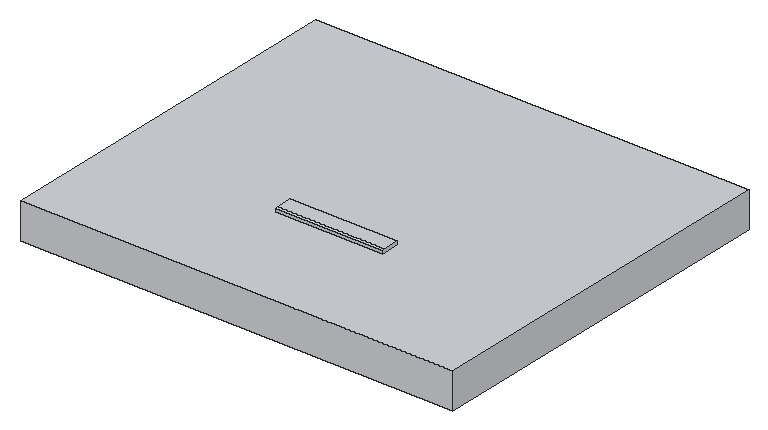
Revit family
Parameters
  TypicalJointSize = 0' - 0 1/4"
  StoneMaterial = none
  SlopeHeight = 0' - 0 1/4"
  Width = 0' - 6"
  URL = "www.coldspringgranite.com"
  SlopeDepth = 0' - 1"
  SettingSpace = SettingBed + Height  # 0' - 2"
  SettingBed = 0' - 0 13/16"
  Product Name = "Paving Stone Threshold with Slope on One Side"
  Product Documentation Link = "http://www.coldspringgranite.com/BIM_Families/Family_Detail/Paving_Stone_Threshold_with_Slope_on_One_Side/"
  PhoneNumber = "800-551-7502"
  Notes = ""
  Model = "N/A"
  Manufacturer = "Cold Spring Granite Company"
  Low Emitting Material = yes
  Low Emitting Finish = yes
  Location = "17482 Granite West Road, Cold Spring, MN 56320-4578"
  Length = 3' - 0"
  LEED Credit = ""
  Keynote = "096340"
  JointRightOff = no
  JointRight = if(JointRightOff, 0' 0", TypicalJointSize / 2)  # 0' - 0 1/8"
  JointLeftOff = no
  JointLeft = if(JointLeftOff, 0' 0", TypicalJointSize / 2)  # 0' - 0 1/8"
  Height = 0' - 1 3/16"
  Description = "Stone Floor Threshold Slope One Side"
  Default Elevation = 0' - 0"
  Assembly Code = "C3020800"
Reference planes (in)
  plane 1 "Center (Front/Back)": y = 0
  plane 2: z = 0
  plane 3 "Center (Left/Right)": x = 0
  plane 4 "StoneBack": y = 6
  plane 5 "StoneRight": x = 35.875
  plane 6 "StoneLeft": x = 0.125
  plane 7 "SlopeTop": y = 1
  plane 8 "JointRightCenter": x = 36
  plane 9 "StoneFace": z = 2
  plane 10 "StoneBottom": z = 0.8125
  plane 11 "SlopeBottom": z = 1.75
Forms (in)
  Extrusion 1, solid
    sketch origin (0, 0, 0) x (1, 0, 0) y (0, 1, 0)
      loop
        line (-56.5, 87.5) -> (-56.5, -35.87706) -> (88.18322, -35.87706) -> (88.18322, 87.5) -> (-56.5, 87.5)
    from 0 to -12
  Extrusion 2, solid, material <- "StoneMaterial", detail levels coarse
    sketch origin (35.875, 0, -0.1875) x (0, 1, 0) y (0, 0, 1)
      loop
        line (0, 2.1875) -> (0, 1) -> (6, 1) -> (6, 2.1875) -> (0, 2.1875)
    from -35.875 to 0.125
  Extrusion 3, solid, material <- "StoneMaterial", detail levels medium+fine
    sketch origin (35.875, 0, 0) x (0, 1, 0) y (0, 0, 1)
      loop
        line (1, 2) -> (0, 1.75) -> (0, 0.8125) -> (6, 0.8125) -> (6, 2) -> (1, 2)
    from -35.75 to 0
Lines and regions (in)
  Masking region 1, detail levels coarse
    outline origin (0, 0, 2) x (1, 0, 0) y (0, 1, 0)
      loop
        line (0, 6) -> (0, 0) -> (36, 0) -> (36, 6) -> (0, 6)
  Masking region 2, detail levels medium+fine
    outline origin (0, 0, 2) x (1, 0, 0) y (0, 1, 0)
      loop
        line (0.125, 6) -> (0.125, 0) -> (35.875, 0) -> (35.875, 6) -> (0.125, 6)
  Masking region 3, detail levels coarse
    outline origin (35.875, 0.5, 0) x (0, 1, 0) y (0, 0, 1)
      loop
        line (-0.5, 2) -> (-0.5, 0.8125) -> (5.5, 0.8125) -> (5.5, 2) -> (-0.5, 2)
  Masking region 4, detail levels medium+fine
    outline origin (35.875, 0, 0) x (0, 1, 0) y (0, 0, 1)
      loop
        line (1, 2) -> (0, 1.75) -> (0, 0.8125) -> (6, 0.8125) -> (6, 2) -> (1, 2)
  Masking region 5, detail levels coarse
    outline origin (0, 0, 0) x (1, 0, 0) y (0, 0, 1)
      loop
        line (0, 2) -> (0, 0.8125) -> (36, 0.8125) -> (36, 2) -> (0, 2)
  Masking region 6, detail levels medium+fine
    outline origin (-0.625, 0, 0.75) x (1, 0, 0) y (0, 0, 1)
      loop
        line (0.75, 1.25) -> (0.75, 0.0625) -> (36.5, 0.0625) -> (36.5, 1.25) -> (0.75, 1.25)
  symbolic lines, detail levels medium+fine
    curve 1: line (35.875, 1, 2) -> (0.125, 1, 2)
    curve 2: line (0.125, 0, 1.75) -> (35.875, 0, 1.75)
Dimensions and locks (in)
  "Width": plane 1 "Center (Front/Back)" to plane 4 "StoneBack"
  "Length": plane 3 "Center (Left/Right)" to plane 8 "JointRightCenter"
  "Height": plane 10 "StoneBottom" to plane 9 "StoneFace"
  "SettingSpace": plane 2 to plane 9 "StoneFace"
  "JointLeft": plane 3 "Center (Left/Right)" to plane 6 "StoneLeft"
  "JointRight": plane 5 "StoneRight" to plane 8 "JointRightCenter"
  "SlopeDepth": plane 1 "Center (Front/Back)" to plane 7 "SlopeTop"
  "SlopeHeight": plane 9 "StoneFace" to plane 11 "SlopeBottom"
  aligned and locked: Extrusion 1 to plane 2
  aligned and locked: Extrusion 1 to level
  aligned and locked: plane 9 "StoneFace" to Extrusion 2
  aligned and locked: plane 1 "Center (Front/Back)" to Extrusion 2
  aligned and locked: Extrusion 2 to plane 10 "StoneBottom"
  aligned and locked: plane 4 "StoneBack" to Extrusion 2
  aligned and locked: Extrusion 2 to plane 3 "Center (Left/Right)"
  aligned and locked: plane 8 "JointRightCenter" to Extrusion 2
  aligned and locked: Extrusion 3 sketch curve to plane 4 "StoneBack"
  aligned and locked: Extrusion 3 sketch curve to plane 10 "StoneBottom"
  aligned and locked: Extrusion 3 sketch curve to plane 1 "Center (Front/Back)"
  aligned and locked: plane 9 "StoneFace" to Extrusion 3 sketch curve
  aligned and locked: plane 7 "SlopeTop" to Extrusion 3 sketch curve
  aligned and locked: plane 1 "Center (Front/Back)" to Extrusion 3 sketch curve
  aligned and locked: plane 11 "SlopeBottom" to Extrusion 3 sketch curve
  aligned and locked: Extrusion 3 to plane 6 "StoneLeft"
  aligned and locked: plane 5 "StoneRight" to Extrusion 3
  aligned and locked: Masking region 1 to plane 3 "Center (Left/Right)"
  aligned and locked: plane 8 "JointRightCenter" to Masking region 1
  aligned and locked: plane 4 "StoneBack" to Masking region 1
  aligned and locked: plane 1 "Center (Front/Back)" to Masking region 1
  aligned and locked: plane 4 "StoneBack" to Masking region 2
  aligned and locked: plane 1 "Center (Front/Back)" to Masking region 2
  aligned and locked: plane 5 "StoneRight" to Masking region 2
  aligned and locked: Masking region 2 to plane 6 "StoneLeft"
  aligned and locked: curve 1 to plane 7 "SlopeTop"
  aligned and locked: plane 9 "StoneFace" to Masking region 3
  aligned and locked: plane 4 "StoneBack" to Masking region 3
  aligned and locked: Masking region 3 to plane 10 "StoneBottom"
  aligned and locked: plane 1 "Center (Front/Back)" to Masking region 3
  aligned and locked: Masking region 4 sketch curve to plane 4 "StoneBack"
  aligned and locked: Masking region 4 sketch curve to plane 10 "StoneBottom"
  aligned and locked: Masking region 4 sketch curve to plane 1 "Center (Front/Back)"
  aligned and locked: plane 1 "Center (Front/Back)" to Masking region 4 sketch curve
  aligned and locked: plane 11 "SlopeBottom" to Masking region 4 sketch curve
  aligned and locked: plane 9 "StoneFace" to Masking region 4 sketch curve
  aligned and locked: plane 7 "SlopeTop" to Masking region 4 sketch curve
  aligned and locked: plane 9 "StoneFace" to Masking region 5
  aligned and locked: Masking region 5 to plane 3 "Center (Left/Right)"
  aligned and locked: plane 8 "JointRightCenter" to Masking region 5
  aligned and locked: Masking region 5 to plane 10 "StoneBottom"
  aligned and locked: plane 9 "StoneFace" to Masking region 6
  aligned and locked: Masking region 6 to plane 6 "StoneLeft"
  aligned and locked: plane 5 "StoneRight" to Masking region 6
  aligned and locked: Masking region 6 to plane 10 "StoneBottom"
  aligned and locked: curve 2 to plane 11 "SlopeBottom"
  aligned and locked: plane 6 "StoneLeft" to Extrusion 3  (x2)
  aligned and locked: plane 6 "StoneLeft" to curve 1
  aligned and locked: plane 5 "StoneRight" to curve 1
  aligned and locked: plane 5 "StoneRight" to curve 2
  aligned and locked: plane 6 "StoneLeft" to curve 2
Automatic sketch dimensions
  Extrusion 1 sketch curve to Extrusion 1 sketch curve = 12' - 0.68322"
  Extrusion 1 sketch curve to Extrusion 1 sketch curve = 10' - 3.37706"
  plane 1 "Center (Front/Back)" to Extrusion 2 sketch curve = 0' - 0"
  level to Extrusion 2 sketch curve = 0' - 0 13/16"
  plane 4 "StoneBack" to Extrusion 2 sketch curve = 0' - 0"
  plane 9 "StoneFace" to Extrusion 2 sketch curve = 0' - 0"
  Masking region 1 sketch curve to plane 3 "Center (Left/Right)" = 0' - 0"
  plane 8 "JointRightCenter" to Masking region 1 sketch curve = 0' - 0"
  plane 1 "Center (Front/Back)" to Masking region 1 sketch curve = 0' - 0"
  plane 4 "StoneBack" to Masking region 1 sketch curve = 0' - 0"
  plane 3 "Center (Left/Right)" to Masking region 2 sketch curve = 0' - 0 1/8"
  Masking region 2 sketch curve to plane 8 "JointRightCenter" = 0' - 0 1/8"
  plane 1 "Center (Front/Back)" to Masking region 2 sketch curve = 0' - 0"
  plane 4 "StoneBack" to Masking region 2 sketch curve = 0' - 0"
  Masking region 3 sketch curve to plane 1 "Center (Front/Back)" = 0' - 0"
  plane 4 "StoneBack" to Masking region 3 sketch curve = 0' - 0"
  level to Masking region 3 sketch curve = 0' - 0 13/16"
  plane 9 "StoneFace" to Masking region 3 sketch curve = 0' - 0"
  plane 3 "Center (Left/Right)" to Masking region 5 sketch curve = 0' - 0"
  plane 8 "JointRightCenter" to Masking region 5 sketch curve = 0' - 0"
  level to Masking region 5 sketch curve = 0' - 0 13/16"
  plane 9 "StoneFace" to Masking region 5 sketch curve = 0' - 0"
  plane 3 "Center (Left/Right)" to Masking region 6 sketch curve = 0' - 0 1/8"
  Masking region 6 sketch curve to plane 8 "JointRightCenter" = 0' - 0 1/8"
  level to Masking region 6 sketch curve = 0' - 0 13/16"
  plane 9 "StoneFace" to Masking region 6 sketch curve = 0' - 0"
Nested families (in)
  nested 1: "CopyRight" at (0, 0, 2), type "CopyRight"
Definition of nested family "CopyRight"
  Parameters (values of type "CopyRight")
    CopyRight = "Cold Spring Granite Company"
  Reference planes (in)
    plane 1: z = 0
